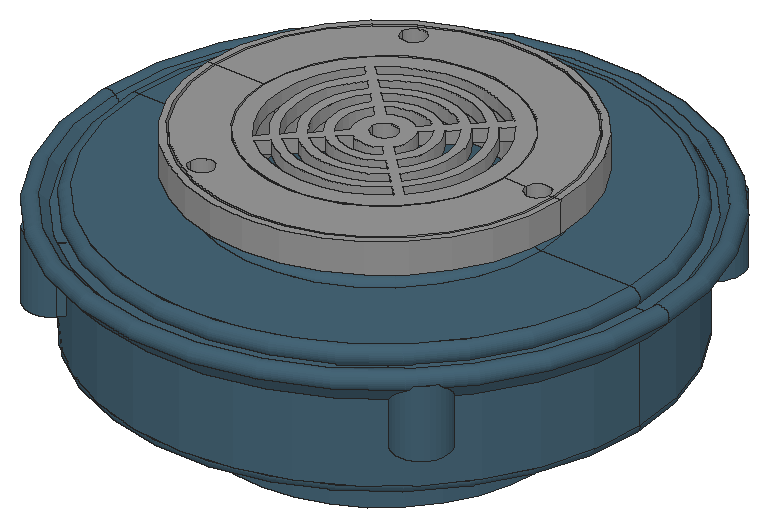
Revit family "Drain_Floor_Round_Zurn-Z415M", category Plumbing Fixtures, Revit 2022
Family settings
  Round Connector Dimension = Use Radius
  Part Type = Normal
  OmniClass Number = 23.70.50.21.24.14
  OmniClass Title = Deck Waste Water Drains
  Work Plane-Based = No
  Always vertical = Yes
  Cut with Voids When Loaded = No
  Maintain Annotation Orientation = No
  Shared = No
  Room Calculation Point = No
Parameters (values of type "Load Family Type Catalog")
  Waste Connection = 1 = 1  # yes
  WFU = 0  # constant formula
  Vent Connection = 1 = 0  # no
  URL = "www.zurn.com"
  Type Comments = "ZN415M with 4 Inch Threaded Outlet"
  Strainer Position (K') - Input [instance] = 0.000"
  Strainer Position (K') [instance] = if([Strainer Position (K') - Input] < Min. Strainer Position, Min. Strainer Position, if([Strainer Position (K') - Input] > Max. Strainer Position, Max. Strainer Position, [Strainer Position (K') - Input]))  # 0.875"
  Strainer Open Area = 4.500 in²  # constant formula
  Strainer Material = Bronze - Zurn - Polished Nickel
  Strainer Diameter (B) = 5.188"
  Product data url = "https://www.bimobject.com/en-us/zurnindustries/product/zurn-z415m"
  Product Page URL = "https://www.zurn.com/products/drainage-interceptors/floor-drains/finish-floor-drains/z415m"
  Product Documentation Link = "https://files.zurn.com/spec-sheets/z415m.pdf"
  Pipe Size 'A' (Outer Radius) = [Pipe Size 'A' (Outer Diameter)] / 2  # 2.250"
  Pipe Size 'A' (Outer Diameter) = 4.500"
  Pipe Size 'A' (Nominal Radius) = [Pipe Size 'A' (Nominal Diameter)] / 2  # 2.000"
  Pipe Size 'A' (Nominal Diameter) = 4.000"
  Pipe Size 'A' (Inner Radius) = [Pipe Size 'A' (Inner Diameter)] / 2  # 2.013"
  Pipe Size 'A' (Inner Diameter) = 4.026"
  Modified Date = "12/12/2025"  # constant formula
  Model = "ZN415M"
  Min. Strainer Position [instance] = 0.875"  # constant formula
  Max. Strainer Position [instance] = 2.375"  # constant formula
  Material Main = Iron - Zurn - Cast - Painted - Blue
  Manufacurer Brand = "Zurn"  # constant formula
  Manufacturer = "Zurn Water, LLC"  # constant formula
  HWFU = 0  # constant formula
  HW Connection = 1 = 0  # no
  Grate Radius = ([Strainer Diameter (B)] - 0.150") / 2  # 2.519"
  Description = "BODY ASSEMBLY W/ “TYPE M” STRAINER AND “SUR-SET” BUCKET "  # constant formula
  Default Elevation = 30.000"
  Date Created = "10/17/2017"  # constant formula
  CWFU = 0  # constant formula
  CW Connection = 1 = 0  # no
  Body Height (E) = 2.813"
  Assembly Code = "D2030300"
  Approx. Wt. Lbs. = 11.00 lbf  # constant formula
Reference planes (in)
  plane 1 "Center (Front/Back)": y = 0
  plane 2: z = 0
  plane 3 "Center (Left/Right)": x = 0
  plane 4: z = -0.875
  plane 5: z = -3.688
  plane 6: z = -2.00083
  plane 7: z = -1.3627
  plane 8: x = -1
  plane 9: x = 1
  plane 10: z = -2.6875
  plane 11: x = 2.69
  plane 12: z = -1.02327
  plane 13: z = -2.55636
  plane 14: x = 2.594
  plane 15: x = -2.594
  plane 16: y = -2.594
  plane 17: y = 2.594
  plane 18: through (0, 0, 47.24409) normal (-0.7071, 0.7071, 0)
  plane 19: through (-0.26517, 0.26517, 47.24409) normal (-0.7071, 0.7071, 0)
  plane 20: through (0.26517, -0.26517, 47.24409) normal (-0.7071, 0.7071, 0)
  plane 21: through (0, 0, 47.24409) normal (0.7071, 0.7071, 0)
  plane 22: through (2.33063, 3.06176, 47.24409) normal (0.7071, 0.7071, 0)
  plane 23: through (-2.33063, 3.06176, 47.24409) normal (0.7071, -0.7071, 0)
  plane 24: through (2.33063, -3.06176, 47.24409) normal (-0.7071, 0.7071, 0)
  plane 25: through (-2.33063, -3.06176, 47.24409) normal (-0.7071, -0.7071, 0)
  plane 26: through (-2.33063, 3.06176, 47.24409) normal (0.7071, -0.7071, 0)
  plane 27: through (0.26517, 0.26517, 47.24409) normal (0.7071, 0.7071, 0)
  plane 28: through (-0.26517, -0.26517, 47.24409) normal (0.7071, 0.7071, 0)
  plane 29: z = -0.438
  plane 30: z = -0.188
  plane 31: x = 2
  plane 32: x = -2
  plane 33: y = -2
  plane 34: y = 2
  plane 35: x = -6.594
Forms (in)
  Revolve 1, solid, material "Iron - Zurn - Cast - Painted - Blue" <- "Material Main", visible <- "Waste Connection", detail levels fine
    sketch origin (0, 0, 0) x (1, 0, 0) y (0, 0, 1)
      loop
        arc (-3.75, -2.5625) -> (-3.71339, -2.65089) -> (-3.625, -2.6875) r 0.125
        line (-3.625, -2.6875) -> (-2.375, -2.6875)
        arc (-2.375, -2.6875) -> (-2.28661, -2.72411) -> (-2.25, -2.8125) r 0.125
        line (-2.25, -2.8125) -> (-2.25, -3.688) -> (-2.013, -3.688) -> (-2.013, -2.5625)
        arc (-2.013, -2.5625) -> (-2.04961, -2.47411) -> (-2.138, -2.4375) r 0.125
        line (-2.138, -2.4375) -> (-3.425, -2.4375)
        arc (-3.425, -2.4375) -> (-3.51339, -2.40089) -> (-3.55, -2.3125) r 0.125
        line (-3.55, -2.3125) -> (-3.55, -1.02327) -> (-3.84822, -1.02327) -> (-3.96161, -0.90988)
        arc (-3.96161, -0.90988) -> (-4.13839, -0.90988) -> (-4.13839, -1.08665) r 0.125
        line (-4.13839, -1.08665) -> (-3.86235, -1.3627) -> (-3.75, -1.3627) -> (-3.75, -2.5625)
      axis (0, -0.90988) -> (0, -3.688)
    angle from 0 to 360
  Revolve 2, solid, material "Iron - Zurn - Cast - Painted - Blue" <- "Material Main", visible <- "Waste Connection", detail levels fine
    sketch origin (0, 0, 0) x (1, 0, 0) y (0, 0, 1)
      loop
        line (-3.62457, -1.02327) -> (-2.19378, -1.02327)
        arc (-2.19378, -1.02327) -> (-2.10268, -0.98677) -> (-2.06197, -0.89746) r 0.13195
        line (-2.06197, -0.89746) -> (-2.06197, -0.74827) -> (-1.91548, -0.74827) -> (-1.91548, -0.54827) -> (-2.13293, -0.54827)
        arc (-2.13293, -0.54827) -> (-2.15503, -0.55742) -> (-2.16418, -0.57952) r 0.03125
        line (-2.16418, -0.57952) -> (-2.16418, -0.64827)
        arc (-2.16418, -0.64827) -> (-2.20079, -0.73665) -> (-2.28918, -0.77327) r 0.125
        line (-2.28918, -0.77327) -> (-3.60452, -0.77327)
        arc (-3.60452, -0.77327) -> (-3.74997, -0.8874) -> (-3.62457, -1.02327) r 0.1258
      axis (0, -0.54827) -> (0, -1.02327)
    angle from 0 to 360
  Revolve 3, solid, material "Bronze - Zurn - Polished Nickel" <- "Strainer Material", detail levels fine
    sketch origin (0, 0, 0) x (1, 0, 0) y (0, 0, 1)
      loop
        line (-1.8125, -0.688) -> (-1.8125, -0.875) -> (-1.625, -0.875) -> (-1.625, -0.188) -> (-1.76563, -0.188) -> (-1.76563, 0) -> (-2.474, 0) -> (-2.474, -0.188) -> (-2.509, -0.188) -> (-2.509, 0) -> (-2.594, 0) -> (-2.594, -0.438) -> (-2.0625, -0.438)
        arc (-2.0625, -0.438) -> (-1.88572, -0.51122) -> (-1.8125, -0.688) r 0.25
      axis (0, 0) -> (0, -0.875)
    angle from 0 to 360
  Extrusion 4, solid, material "Iron - Zurn - Cast - Painted - Blue" <- "Material Main", detail levels fine
    sketch origin (0, 0, 0) x (1, 0, 0) y (0, 1, 0)
      loop
        line (2.43103, 2.96136) -> (1.5026, 2.03293) -> (2.03293, 1.5026) -> (2.96136, 2.43103)
        arc (2.96136, 2.43103) -> (2.96136, 2.96136) -> (2.43103, 2.96136) r 0.375
      loop
        arc (-2.43103, 2.96136) -> (-2.96136, 2.96136) -> (-2.96136, 2.43103) r 0.375
        line (-2.96136, 2.43103) -> (-2.03293, 1.5026) -> (-1.5026, 2.03293) -> (-2.43103, 2.96136)
      loop
        arc (2.43103, -2.96136) -> (2.96136, -2.96136) -> (2.96136, -2.43103) r 0.375
        line (2.96136, -2.43103) -> (2.03293, -1.5026) -> (1.5026, -2.03293) -> (2.43103, -2.96136)
      loop
        line (-2.43103, -2.96136) -> (-1.5026, -2.03293) -> (-2.03293, -1.5026) -> (-2.96136, -2.43103)
        arc (-2.96136, -2.43103) -> (-2.96136, -2.96136) -> (-2.43103, -2.96136) r 0.375
    from -1.02327 to -2.00083
  Extrusion 5, solid, material "Bronze - Zurn - Polished Nickel" <- "Strainer Material", detail levels fine
    sketch origin (0, 0, 0) x (1, 0, 0) y (0, 1, 0)
      loop
        circle (0, 0) r 1.75
      loop
        line (0.22043, 0.30953) -> (0.35461, 0.44371)
        arc (0.35461, 0.44371) -> (0, 0.568) -> (-0.35461, 0.44371) r 0.568
        line (-0.35461, 0.44371) -> (-0.22043, 0.30953)
        arc (-0.22043, 0.30953) -> (0, 0.38) -> (0.22043, 0.30953) r 0.38
      loop
        line (0.44345, 0.53254) -> (0.57682, 0.66591)
        arc (0.57682, 0.66591) -> (0, 0.881) -> (-0.57682, 0.66591) r 0.881
        line (-0.57682, 0.66591) -> (-0.44345, 0.53254)
        arc (-0.44345, 0.53254) -> (0, 0.693) -> (0.44345, 0.53254) r 0.693
      loop
        line (0.66541, 0.7545) -> (0.79856, 0.88766)
        arc (0.79856, 0.88766) -> (0, 1.194) -> (-0.79856, 0.88766) r 1.194
        line (-0.79856, 0.88766) -> (-0.66541, 0.7545)
        arc (-0.66541, 0.7545) -> (0, 1.006) -> (0.66541, 0.7545) r 1.006
      loop
        line (0.88706, 0.97616) -> (1.02013, 1.10923)
        arc (1.02013, 1.10923) -> (0, 1.507) -> (-1.02013, 1.10923) r 1.507
        line (-1.02013, 1.10923) -> (-0.88706, 0.97616)
        arc (-0.88706, 0.97616) -> (0, 1.319) -> (0.88706, 0.97616) r 1.319
      loop
        arc (0.22043, -0.30953) -> (0, -0.38) -> (-0.22043, -0.30953) r 0.38
        line (-0.22043, -0.30953) -> (-0.35461, -0.44371)
        arc (-0.35461, -0.44371) -> (0, -0.568) -> (0.35461, -0.44371) r 0.568
        line (0.35461, -0.44371) -> (0.22043, -0.30953)
      loop
        arc (0.44345, -0.53254) -> (0, -0.693) -> (-0.44345, -0.53254) r 0.693
        line (-0.44345, -0.53254) -> (-0.57682, -0.66591)
        arc (-0.57682, -0.66591) -> (0, -0.881) -> (0.57682, -0.66591) r 0.881
        line (0.57682, -0.66591) -> (0.44345, -0.53254)
      loop
        arc (0.66541, -0.7545) -> (0, -1.006) -> (-0.66541, -0.7545) r 1.006
        line (-0.66541, -0.7545) -> (-0.79856, -0.88766)
        arc (-0.79856, -0.88766) -> (0, -1.194) -> (0.79856, -0.88766) r 1.194
        line (0.79856, -0.88766) -> (0.66541, -0.7545)
      loop
        arc (0.88706, -0.97616) -> (0, -1.319) -> (-0.88706, -0.97616) r 1.319
        line (-0.88706, -0.97616) -> (-1.02013, -1.10923)
        arc (-1.02013, -1.10923) -> (0, -1.507) -> (1.02013, -1.10923) r 1.507
        line (1.02013, -1.10923) -> (0.88706, -0.97616)
      loop
        line (0.30953, -0.22043) -> (0.44371, -0.35461)
        arc (0.44371, -0.35461) -> (0.568, 0) -> (0.44371, 0.35461) r 0.568
        line (0.44371, 0.35461) -> (0.30953, 0.22043)
        arc (0.30953, 0.22043) -> (0.38, 0) -> (0.30953, -0.22043) r 0.38
      loop
        line (0.53254, -0.44345) -> (0.66591, -0.57682)
        arc (0.66591, -0.57682) -> (0.881, 0) -> (0.66591, 0.57682) r 0.881
        line (0.66591, 0.57682) -> (0.53254, 0.44345)
        arc (0.53254, 0.44345) -> (0.693, 0) -> (0.53254, -0.44345) r 0.693
      loop
        line (0.7545, -0.66541) -> (0.88766, -0.79856)
        arc (0.88766, -0.79856) -> (1.194, 0) -> (0.88766, 0.79856) r 1.194
        line (0.88766, 0.79856) -> (0.7545, 0.66541)
        arc (0.7545, 0.66541) -> (1.006, 0) -> (0.7545, -0.66541) r 1.006
      loop
        line (0.97616, -0.88706) -> (1.10923, -1.02013)
        arc (1.10923, -1.02013) -> (1.507, 0) -> (1.10923, 1.02013) r 1.507
        line (1.10923, 1.02013) -> (0.97616, 0.88706)
        arc (0.97616, 0.88706) -> (1.319, 0) -> (0.97616, -0.88706) r 1.319
      loop
        arc (-0.30953, -0.22043) -> (-0.38, 0) -> (-0.30953, 0.22043) r 0.38
        line (-0.30953, 0.22043) -> (-0.44371, 0.35461)
        arc (-0.44371, 0.35461) -> (-0.568, 0) -> (-0.44371, -0.35461) r 0.568
        line (-0.44371, -0.35461) -> (-0.30953, -0.22043)
      loop
        arc (-0.53254, -0.44345) -> (-0.693, 0) -> (-0.53254, 0.44345) r 0.693
        line (-0.53254, 0.44345) -> (-0.66591, 0.57682)
        arc (-0.66591, 0.57682) -> (-0.881, 0) -> (-0.66591, -0.57682) r 0.881
        line (-0.66591, -0.57682) -> (-0.53254, -0.44345)
      loop
        arc (-0.7545, -0.66541) -> (-1.006, 0) -> (-0.7545, 0.66541) r 1.006
        line (-0.7545, 0.66541) -> (-0.88766, 0.79856)
        arc (-0.88766, 0.79856) -> (-1.194, 0) -> (-0.88766, -0.79856) r 1.194
        line (-0.88766, -0.79856) -> (-0.7545, -0.66541)
      loop
        arc (-0.97616, -0.88706) -> (-1.319, 0) -> (-0.97616, 0.88706) r 1.319
        line (-0.97616, 0.88706) -> (-1.10923, 1.02013)
        arc (-1.10923, 1.02013) -> (-1.507, 0) -> (-1.10923, -1.02013) r 1.507
        line (-1.10923, -1.02013) -> (-0.97616, -0.88706)
      loop
        circle (0, 0) r 0.17806
    from 0 to -0.188
  Extrusion 6, void
    sketch origin (0, 0, 0) x (1, 0, 0) y (0, 1, 0)
      loop
        circle (2.25, 0) r 0.17
      loop
        circle (-1.125, 1.94856) r 0.17
      loop
        circle (-1.125, -1.94856) r 0.17
    from 0 to -0.188
Cuts and joins
  Extrusion 6 cuts Revolve 3
Lines and regions (in)
  Masking region 1
    outline origin (0, 0, 0) x (1, 0, 0) y (0, 1, 0)
      loop
        circle (0, 0) r 4.1875
  model lines, style "PlumbingFixtures", detail levels coarse+medium
    curve 1: line (0, 0, 0) -> (0, 0, -3.688)
  model lines, detail levels coarse+medium
    curve 2: line (-2, 0, -3.688) -> (2, 0, -3.688)
    curve 3: line (0, 2, -3.688) -> (0, -2, -3.688)
  model lines, style "GenericModel", detail levels coarse+medium
    curve 4: circle (0, 0, 0) r 2.594 normal (0, 0, 1)
    curve 5: circle (0, 0, 0) r 1.75 normal (0, 0, 1)
    curve 6: circle (0, 0, 0) r 2.474 normal (0, 0, 1)
    curve 7: line (-1.5, 0.90139, 0) -> (-1.5, -0.90139, 0)
    curve 8: line (-1.125, 1.34048, 0) -> (-1.125, -1.34048, 0)
    curve 9: line (-0.75, 1.58114, 0) -> (-0.75, -1.58114, 0)
    curve 10: line (-0.375, 1.70935, 0) -> (-0.375, -1.70935, 0)
    curve 11: line (1.5, 0.90139, 0) -> (1.5, -0.90139, 0)
    curve 12: line (1.125, 1.34048, 0) -> (1.125, -1.34048, 0)
    curve 13: line (0.75, 1.58114, 0) -> (0.75, -1.58114, 0)
    curve 14: line (0.375, 1.70935, 0) -> (0.375, -1.70935, 0)
    curve 15: line (-1.75, 0, 0) -> (1.75, 0, 0)
    curve 16: line (0, -1.75, 0) -> (0, 1.75, 0)
    curve 17: line (-0.90139, -1.5, 0) -> (0.90139, -1.5, 0)
    curve 18: line (-1.43614, -1, 0) -> (1.43614, -1, 0)
    curve 19: line (-1.67705, -0.5, 0) -> (1.67705, -0.5, 0)
    curve 20: line (-0.90139, 1.5, 0) -> (0.90139, 1.5, 0)
    curve 21: line (-1.43614, 1, 0) -> (1.43614, 1, 0)
    curve 22: line (-1.67705, 0.5, 0) -> (1.67705, 0.5, 0)
Dimensions and locks (in)
  "Body Height (E)": plane 4 to plane 5
  "Strainer Position (K')": level to plane 4
  locked: plane 4 to plane 6 at 1.12583
  locked: plane 4 to plane 7 at 0.4877
  locked: Revolve 1 sketch curve to plane 10 at 0.25
  locked: plane 4 to plane 12 at 0.14827
  locked: plane 13 to plane 10 at 0.13114
  locked: Revolve 3 sketch curve to Revolve 3 sketch curve at 0.1875
  "Pipe Size 'A' (Inner Radius)": plane 3 "Center (Left/Right)" to Revolve 1 sketch curve
  "Pipe Size 'A' (Outer Radius)": plane 3 "Center (Left/Right)" to Revolve 1 sketch curve
  Revolve 2 sketch curve to Revolve 2 sketch curve = 0.24871"
  locked: Revolve 2 sketch curve to Revolve 2 sketch curve at 0.475
  locked: Revolve 2 sketch curve to Revolve 2 sketch curve at 0.2
  Revolve 2 sketch curve to plane 4 to Revolve 2 sketch curve = 0.10173" locked, 0.14827" locked
  locked: Revolve 2 sketch curve to Revolve 2 sketch curve at 0.03125
  locked: plane 3 "Center (Left/Right)" to Revolve 2 sketch curve at 3.62457
  locked: plane 3 "Center (Left/Right)" to Revolve 1 sketch curve at 3.55
  equal spacing: plane 15, plane 3 "Center (Left/Right)", plane 14
  "Strainer Diameter (B)": plane 15 to plane 14
  equal spacing: plane 16, plane 1 "Center (Front/Back)", plane 17
  "Strainer Diameter (B)": plane 16 to plane 17
  locked: Revolve 1 sketch curve to Revolve 1 sketch curve at 0.2
  locked: Revolve 1 sketch curve to Revolve 1 sketch curve at 0.025
  Revolve 1 sketch curve to Revolve 1 sketch curve = 0.500"
  locked: plane 4 to plane 10 at 1.8125
  locked: plane 21 to plane 22 at 3.813
  locked: plane 23 to plane 18 at 3.813
  locked: plane 25 to plane 21 at 3.813
  locked: plane 18 to plane 24 at 3.813
  locked: plane 21 to Extrusion 4 sketch curve at 2.5
  equal spacing: plane 19, plane 18, plane 20
  locked: plane 19 to plane 20 at 0.75
  equal spacing: plane 27, plane 21, plane 28
  locked: plane 27 to plane 28 at 0.75
  equal spacing: Extrusion 4 sketch curve, plane 3 "Center (Left/Right)", Extrusion 4 sketch curve
  locked: Extrusion 4 sketch curve to Extrusion 4 sketch curve at 5.3924  (x2)
  locked: Extrusion 4 sketch curve to plane 18 at 2.5
  Extrusion 4 sketch curve to Extrusion 4 sketch curve = 5.3924"
  locked: Extrusion 4 sketch curve to plane 21 at 2.5
  locked: plane 18 to Extrusion 4 sketch curve at 2.5
  "Pipe Size 'A' (Nominal Radius)": plane 32 to plane 3 "Center (Left/Right)" to plane 31
  "Pipe Size 'A' (Nominal Radius)": plane 33 to plane 1 "Center (Front/Back)" to plane 34
  level to plane 30 = 0.188"
  plane 30 to plane 29 = 0.250"
  plane 3 "Center (Left/Right)" to Revolve 3 sketch curve = 1.76563"
  plane 3 "Center (Left/Right)" to Revolve 3 sketch curve = 1.625"
  locked: Revolve 3 sketch curve to Revolve 3 sketch curve at 0.035
  locked: plane 3 "Center (Left/Right)" to Extrusion 5 sketch curve at 1.75
  locked: plane 1 "Center (Front/Back)" to Extrusion 5 sketch curve at 0.38
  locked: plane 1 "Center (Front/Back)" to Extrusion 5 sketch curve at 0.568
  locked: plane 1 "Center (Front/Back)" to Extrusion 5 sketch curve at 0.693
  plane 1 "Center (Front/Back)" to Extrusion 5 sketch curve = 1.006"
  locked: plane 1 "Center (Front/Back)" to Extrusion 5 sketch curve at 1.194
  locked: plane 1 "Center (Front/Back)" to Extrusion 5 sketch curve at 1.319
  locked: plane 1 "Center (Front/Back)" to Extrusion 5 sketch curve at 1.507
  locked: plane 1 "Center (Front/Back)" to Extrusion 5 sketch curve at 0.881
  locked: Extrusion 5 sketch curve to plane 3 "Center (Left/Right)" at 0.17806
  locked: plane 3 "Center (Left/Right)" to Extrusion 6 sketch curve at 2.25
  locked: plane 1 "Center (Front/Back)" to Extrusion 6 sketch curve at 0.17
  Extrusion 6 sketch curve to plane 1 "Center (Front/Back)" to Extrusion 6 sketch curve = 1.94856" locked, 1.94856" locked
  locked: Extrusion 6 sketch curve to plane 3 "Center (Left/Right)" at 1.125
  locked: curve 5 to plane 3 "Center (Left/Right)" at 1.75
  locked: curve 7 to plane 3 "Center (Left/Right)" at 1.5
  equal spacing: curve 7, curve 8, curve 9, curve 10, plane 3 "Center (Left/Right)", curve 14, curve 13, curve 12, curve 11
  equal spacing: curve 17, curve 18, curve 19, plane 1 "Center (Front/Back)", curve 22, curve 21, curve 20
  locked: Masking region 1 sketch curve to plane 3 "Center (Left/Right)" at 4.1875
  radius of Revolve 1 sketch curve = 0.125"  (x4)
  radius of Extrusion 4 sketch curve = 0.375"  (x4)
  radius of Extrusion 5 sketch curve = 1.750"  (x2)
  radius of Extrusion 6 sketch curve = 0.170"
  radius of curve 5 = 1.750"  (x2)
  locked: Revolve 1 sketch curve to Revolve 1 sketch curve (angle 45.00°)
  locked: plane 1 "Center (Front/Back)" to plane 18 (angle 45.00°)
  locked: Extrusion 5 sketch curve to Extrusion 5 sketch curve (angle 90.00°)  (x4)
  aligned and locked: level to plane 2
  aligned and locked: plane 10 to Revolve 1 sketch curve
  aligned and locked: Revolve 2 sketch curve to plane 3 "Center (Left/Right)"
  aligned and locked: Revolve 3 sketch curve to plane 3 "Center (Left/Right)"
  aligned and locked: Revolve 1 sketch curve to plane 5
  aligned and locked: plane 5 to curve 1
  aligned and locked: plane 3 "Center (Left/Right)" to curve 1
  aligned and locked: plane 1 "Center (Front/Back)" to curve 2
  aligned and locked: curve 3 to plane 3 "Center (Left/Right)"
  aligned and locked: Revolve 1 sketch curve to plane 3 "Center (Left/Right)"
  aligned and locked: Revolve 3 to curve 1
  aligned and locked: Revolve 1 sketch curve to plane 12
  aligned and locked: plane 19 to Extrusion 4 sketch curve  (x2)
  aligned and locked: Extrusion 4 sketch curve to plane 20  (x2)
  aligned and locked: plane 6 to Extrusion 4
  aligned and locked: plane 12 to Extrusion 4
  aligned and locked: Extrusion 4 sketch curve to plane 27  (x2)
  aligned and locked: plane 28 to Extrusion 4 sketch curve  (x2)
  aligned and locked: Revolve 3 sketch curve to plane 4
  aligned and locked: plane 34 to curve 3
  aligned and locked: plane 33 to curve 3
  aligned and locked: plane 31 to curve 2
  aligned and locked: plane 32 to curve 2
  aligned and locked: plane 29 to Revolve 3 sketch curve
  aligned and locked: Revolve 3 sketch curve to plane 30
  aligned and locked: Extrusion 5 to level
  aligned and locked: Revolve 3 to Extrusion 5
  aligned and locked: plane 1 "Center (Front/Back)" to Extrusion 5 sketch curve  (x3)
  aligned and locked: plane 3 "Center (Left/Right)" to Extrusion 5 sketch curve  (x2)
  aligned and locked: Extrusion 5 sketch curve to Extrusion 5 sketch curve  (x24)
  aligned and locked: curve 4 to Revolve 3
  aligned and locked: Extrusion 6 to level
  aligned and locked: Revolve 3 to Extrusion 6
  aligned and locked: plane 1 "Center (Front/Back)" to curve 5
  aligned and locked: cut or joined group of Revolve 3, Extrusion 6 to cut or joined group of Revolve 3, Extrusion 6
  aligned and locked: curve 6 to cut or joined group of Revolve 3, Extrusion 6
  aligned and locked: plane 3 "Center (Left/Right)" to curve 16
  aligned and locked: plane 1 "Center (Front/Back)" to curve 15
  aligned and locked: plane 3 "Center (Left/Right)" to Masking region 1 sketch curve
  aligned and locked: plane 1 "Center (Front/Back)" to Masking region 1 sketch curve
Automatic sketch dimensions
  plane 25 to Extrusion 4 sketch curve = 0.000"
  Extrusion 5 sketch curve to Extrusion 5 sketch curve = 0.000"  (x62)
  Extrusion 5 sketch curve to plane 3 "Center (Left/Right)" = 0.22043"  (x2)
  plane 1 "Center (Front/Back)" to Extrusion 5 sketch curve = 0.22043"
  Extrusion 5 sketch curve to Extrusion 5 sketch curve = 0.0891"  (x9)
  Extrusion 5 sketch curve to plane 1 "Center (Front/Back)" = 0.22043"
  Extrusion 5 sketch curve to plane 1 "Center (Front/Back)" = 0.44371"
  Extrusion 5 sketch curve to Extrusion 5 sketch curve = 0.13418"  (x2)
  Extrusion 5 sketch curve to Extrusion 5 sketch curve = 0.08884"
  Extrusion 5 sketch curve to plane 1 "Center (Front/Back)" = 0.35461"
  Extrusion 5 sketch curve to plane 1 "Center (Front/Back)" = 0.44345"
  Extrusion 5 sketch curve to Extrusion 5 sketch curve = 0.13337"
  Extrusion 5 sketch curve to Extrusion 5 sketch curve = 0.08859"  (x3)
  Extrusion 5 sketch curve to Extrusion 5 sketch curve = 0.13316"
  Extrusion 5 sketch curve to plane 8 = 0.11294"
  Extrusion 5 sketch curve to plane 8 = 0.11234"
  Extrusion 5 sketch curve to plane 8 = 0.02384"
  plane 8 to Extrusion 5 sketch curve = 0.02013"
  plane 8 to Extrusion 5 sketch curve = 0.10923"
  plane 3 "Center (Left/Right)" to Extrusion 5 sketch curve = 0.22043"  (x2)
  plane 1 "Center (Front/Back)" to Extrusion 5 sketch curve = 0.35461"
  plane 1 "Center (Front/Back)" to Extrusion 5 sketch curve = 0.44345"
  plane 9 to Extrusion 5 sketch curve = 0.11234"
  plane 9 to Extrusion 5 sketch curve = 0.02384"
  Extrusion 5 sketch curve to plane 9 = 0.10923"
  plane 8 to Extrusion 6 sketch curve = 0.125"
  Revolve 2 sketch curve to Revolve 2 sketch curve = 0.02005"
  plane 15 to Revolve 2 sketch curve = 0.30482"
  Revolve 2 sketch curve to plane 4 = 0.01631"
  Revolve 2 sketch curve to Revolve 2 sketch curve = 0.0954"
  Revolve 2 sketch curve to Revolve 2 sketch curve = 0.125"
  Revolve 2 sketch curve to Revolve 2 sketch curve = 0.10221"
  plane 5 to Revolve 2 sketch curve = 0.00083"
  level to Revolve 2 sketch curve = 0.620"
  Revolve 3 sketch curve to plane 15 = 0.000"
  Revolve 3 sketch curve to plane 30 = 0.000"
  Revolve 3 sketch curve to level = 0.000"  (x2)
  plane 15 to Revolve 3 sketch curve = 0.085"
  Revolve 3 sketch curve to Revolve 3 sketch curve = 0.250"
  plane 29 to Revolve 3 sketch curve = 0.0114"
  level to Revolve 3 sketch curve = 4.6284"
  curve 19 to curve 7 = 0.17705"
  Revolve 1 sketch curve to plane 7 = 0.000"
  Revolve 1 sketch curve to plane 4 = 0.03488"
  plane 13 to Revolve 1 sketch curve = 0.00614"
  Revolve 1 sketch curve to plane 5 = 8.84821"
  level to Revolve 1 sketch curve = 87.17776"
  radius of Extrusion 6 sketch curve = 0.170"  (x2)
Connectors (in)
  piping at (0, 0, -3.688), diameter 4, driven by "Pipe Size 'A' (Nominal Radius)", driven by "Waste Connection", driven by "Waste Connection"
    settings: on Revolve 1, index 1, connector inside diameter 24", connector length 0.000", flow factor 0, pipe flow 0.0 L/s, pressure drop 0.0 Pa, fitting loss kfactor 0, connector angle 0.00°, fixture units 0, engagement length 0.000", angle of deflection 0.00°, flow configuration 0, flow direction 2, fitting loss method 0, system type 16, joint type 0, gender type 0, connector reference index -1, connector utility 1, adjustable connector yes, is connector primary yes, connector description "Sanitary Outlet"
Types in the file's own list only (4): name | Type Comments | Strainer Material | Strainer Diameter (B) | Product data url | Product Page URL | Product Documentation Link | Pipe Size 'A' (Outer Radius) | Pipe Size 'A' (Outer Diameter) | Pipe Size 'A' (Nominal Radius) | Pipe Size 'A' (Nominal Diameter) | Pipe Size 'A' (Inner Radius) | Pipe Size 'A' (Inner Diameter) | Model | Grate Radius | Description | Default Elevation | Body Height (E) | Approx. Wt. Lbs.
  ZN415M-4IP | "ZN415M with 4 Inch Threaded Outlet" | Bronze - Zurn - Polished Nickel | 5.188 " | "https://www.bimobject.com/en-us/zurnindustries/product/zurn-z415m" | "https://www.zurn.com/products/drainage-interceptors/floor-drains/finish-floor-drains/z415m" | "https://files.zurn.com/spec-sheets/z415m.pdf" | 2.250 " | 4.500 " | 2.000 " | 4.000 " | 2.013 " | 4.026 " | "ZN415M" | 2.519 " | "BODY ASSEMBLY W/ “TYPE M” STRAINER AND “SUR-SET” BUCKET" | 30.000 " | 2.813 " | 11.00 lb
  ZN415M-3IP | "ZN415M with 3 Inch Threaded Outlet" | Bronze - Zurn - Polished Nickel | 5.188 " | "https://www.bimobject.com/en-us/zurnindustries/product/zurn-z415bl" | "https://www.zurn.com/products/drainage-interceptors/floor-drains/finish-floor-drains/z415bl" | "https://files.zurn.com/spec-sheets/z415bl.pdf" | 1.750 " | 3.500 " | 1.500 " | 3.000 " | 1.534 " | 3.068 " | "ZN415M" | 2.519 " | "BODY ASSEMBLY W/ “TYPE M” STRAINER AND “SUR-SET” BUCKET" | 30.000 " | 2.750 " | 11.00 lb
  ZB415M-3IP | "ZB415M with 3 Inch Threaded Outlet" | Bronze - Zurn - Polished | 5.188 " | "https://www.bimobject.com/en-us/zurnindustries/product/zurn-z415bl" | "https://www.zurn.com/products/drainage-interceptors/floor-drains/finish-floor-drains/z415bl" | "https://files.zurn.com/spec-sheets/z415bl.pdf" | 1.750 " | 3.500 " | 1.500 " | 3.000 " | 1.534 " | 3.068 " | "ZB415M" | 2.519 " | "BODY ASSEMBLY W/ “TYPE M” STRAINER AND “SUR-SET” BUCKET" | 30.000 " | 2.750 " | 11.00 lb
  ZN415M-2IP | "ZN415M with 2 Inch Threaded Outlet" | Bronze - Zurn - Polished Nickel | 5.188 " | "https://www.bimobject.com/en-us/zurnindustries/product/zurn-z415bl" | "https://www.zurn.com/products/drainage-interceptors/floor-drains/finish-floor-drains/z415bl" | "https://files.zurn.com/spec-sheets/z415bl.pdf" | 1.188 " | 2.375 " | 1.000 " | 2.000 " | 1.034 " | 2.067 " | "ZN415M" | 2.519 " | "BODY ASSEMBLY W/ “TYPE M” STRAINER AND “SUR-SET” BUCKET" | 30.000 " | 2.438 " | 11.00 lb
